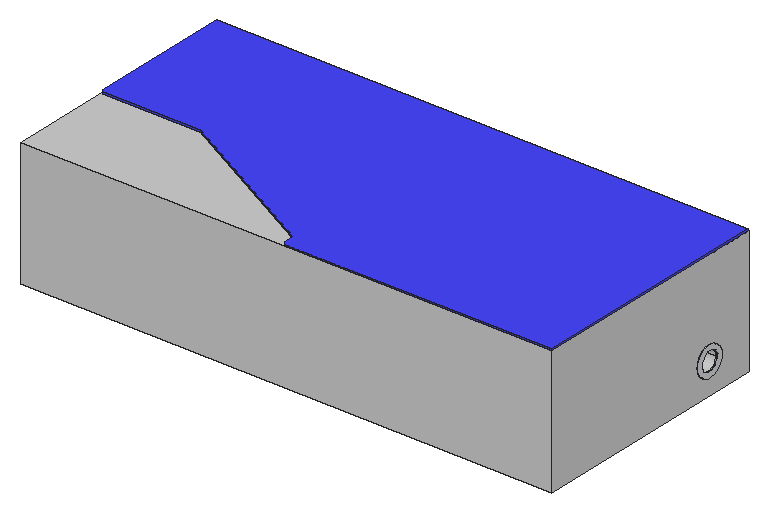
Revit family "РБП-12-7_RV17_LOD400 (05.11.23)", category Электрооборудование, Revit 2017
Family settings
  Конфигурация панели = Два столбца, слева направо
  Размер круглого соединителя = Использовать диаметр
  Тип детали = Щит
  На основе рабочей плоскости = Да
  Всегда вертикально = Нет
  При загрузке вырезать с полостями = Нет
  Общий = Нет
  Точка расчета площади = Нет
Parameters (values of type "РБП-12-7")
  Ток заряда АКБ, не более, А = 1.2 A
  Смещение_УГО_Y [instance] = 0 mm
  Смещение_УГО_X [instance] = 0 mm
  Раздел проекта [instance] = ""
  Раздел Спецификации [instance] = ""
  Потребляемый ток нагрузки номинальный, А = 4.75 A
  Потребляемый ток нагрузки максимальный, А = 7 A
  Default Elevation = 1219.2 mm
  Напряжение = "13.8"
  Диапазон рабочих температур, °С = "от + 5 до + 50"
  Диапазон напряжения защитного отключения АКБ, не менее, В = "10,5-11,5"
  В_Смещение_УГО_Y [instance] = Смещение_УГО_Y + 2000 mm  # 2000 mm
  В_Смещение_УГО_X [instance] = Смещение_УГО_X + 2000 mm  # 2000 mm
  d_короба = 20 mm
  ADSK_Размер_Длина = 323 mm
  ADSK_Размер_Глубина = 149.5 mm
  ADSK_Размер_Высота = 78 mm
  ADSK_Примечание = ""
  ADSK_Наименование = "Источник питания РБП-12-7"
  ADSK_Масса = 2.6
  ADSK_Марка = "СТАЕ.436121.001"
  ADSK_Количество = 1
  ADSK_Завод-изготовитель = "ООО «Основа Безопасности»"  # constant formula
  ADSK_Единица измерения = "шт."  # constant formula
  ADSK_URL страницы изделия = "https://stilsoft.ru/products/rbp-12-7"
  ADSK_URL документации изделия = ""
Reference planes
  plane 1 "По центру (Вперед/Назад)": y = 0
  plane 2: z = 0
  plane 3 "По центру (Влево/Вправо)": x = 0
  plane 4: y = 2000
  plane 5: x = -2000
  plane 6: x = 0
  plane 7: y = 0
  plane 8: x = 161.5
  plane 9 "1": x = -161.5
  plane 10: y = 149.5
  plane 11 "2": z = 78
Forms (mm)
  Extrusion 1, solid, material "По умолчанию", detail levels medium+fine
    sketch origin (0, 0, 0) x (1, 0, 0) y (0, 0, 1)
      loop
        line (-161.5, 77) -> (-161.5, 0) -> (161.5, 0) -> (161.5, 77) -> (-161.5, 77)
    from 0 to -149.5
  Extrusion 2, solid, detail levels medium+fine
    sketch origin (-161.5, 149.5, 0) x (0, 1, 0) y (0, 0, -1)
      loop
        circle (-30.569, -19.569) r 9
      loop
        circle (-30.569, -19.569) r 6
    from 0 to 1
  Extrusion 3, void
    sketch origin (-161.5, 0, 0) x (0, -1, 0) y (0, 0, 1)
      loop
        circle (-118.916, 19.562) r 6.009
    from 0 to -323
  Extrusion 4, solid, detail levels medium+fine
    sketch origin (161.5, 149.5, 0) x (0, 1, 0) y (0, 0, 1)
      loop
        circle (-30.569, 19.569) r 9
      loop
        circle (-30.569, 19.569) r 6
    from 0 to 1
  Extrusion 5, solid, material "крышка", detail levels medium+fine
    sketch origin (0, 0, 78) x (-1, 0, 0) y (0, -1, 0)
      loop
        line (161.5, -62.657) -> (160.343, -61.5) -> (101.5, -61.5) -> (2, -8) -> (2, -1.992) -> (0.85, 0) -> (-161.5, 0) -> (-161.5, -149.5) -> (161.5, -149.5) -> (161.5, -62.657)
    from 0 to -1
Cuts and joins
  Extrusion 3 cuts Extrusion 1
Dimensions and locks
  locked: plane 4 to plane 1 "По центру (Вперед/Назад)" at 2000
  locked: plane 5 to plane 3 "По центру (Влево/Вправо)" at 2000
  "В_Смещение_УГО_X": plane 5 to plane 6
  "В_Смещение_УГО_Y": plane 4 to plane 7
  "ADSK_Размер_Высота": plane 11 "2" to level
  "ADSK_Размер_Длина": plane 9 "1" to plane 8
  "ADSK_Размер_Глубина": plane 10 to plane 1 "По центру (Вперед/Назад)"
  aligned and locked: level to plane 2
Automatic sketch dimensions
  Extrusion 1 sketch curve to level = 0 mm
  plane 9 "1" to Extrusion 1 sketch curve = 0 mm
  Extrusion 1 sketch curve to plane 8 = 0 mm
  Extrusion 1 sketch curve to plane 11 "2" = 1 mm
  Extrusion 2 sketch curve to Extrusion 2 sketch curve = 0 mm  (x2)
  plane 10 to Extrusion 2 sketch curve = 30.569 mm
  Extrusion 2 sketch curve to level = 19.569 mm
  Extrusion 3 sketch curve to plane 10 = 30.584 mm
  level to Extrusion 3 sketch curve = 19.562 mm
  Extrusion 4 sketch curve to Extrusion 4 sketch curve = 0 mm  (x2)
  Extrusion 4 sketch curve to plane 10 = 30.569 mm
  level to Extrusion 4 sketch curve = 19.569 mm
  Extrusion 5 sketch curve to plane 8 = 0 mm
  plane 1 "По центру (Вперед/Назад)" to Extrusion 5 sketch curve = 0 mm
  Extrusion 5 sketch curve to plane 9 "1" = 0 mm
  Extrusion 5 sketch curve to plane 10 = 0 mm
  Extrusion 5 sketch curve to plane 3 "По центру (Влево/Вправо)" = 0.85 mm
  Extrusion 5 sketch curve to plane 3 "По центру (Влево/Вправо)" = 2 mm
  Extrusion 5 sketch curve to plane 9 "1" = 60 mm
  Extrusion 5 sketch curve to plane 1 "По центру (Вперед/Назад)" = 61.5 mm
  Extrusion 5 sketch curve to plane 1 "По центру (Вперед/Назад)" = 8 mm
  Extrusion 5 sketch curve to plane 1 "По центру (Вперед/Назад)" = 1.992 mm
  Extrusion 5 sketch curve to plane 9 "1" = 1.157 mm
  Extrusion 5 sketch curve to Extrusion 5 sketch curve = 1.157 mm
  radius of Extrusion 2 sketch curve = 9 mm
  radius of Extrusion 2 sketch curve = 6 mm
  radius of Extrusion 3 sketch curve = 6.009 mm
  radius of Extrusion 4 sketch curve = 9 mm
  radius of Extrusion 4 sketch curve = 6 mm
Connectors
  electrical at (161.5, 118.916, 19.562)
    settings: on cut or joined group of Extrusion 1, Extrusion 3, index 1, voltage 0 V, apparent load 0 VA, apparent load phase1 0 VA, apparent load phase2 0 VA, apparent load phase3 0 VA, power factor 1, load classification "Прочее", number of poles 1, system type 31, power factor state 1, is connector primary yes, connector utility no, sub classification motor no, connector description ""
  electrical at (-161.5, 118.916, 19.562)
    settings: on cut or joined group of Extrusion 1, Extrusion 3, index 2, voltage 0 V, apparent load 0 VA, apparent load phase1 0 VA, apparent load phase2 0 VA, apparent load phase3 0 VA, power factor 1, load classification "Прочее", number of poles 1, system type 31, power factor state 1, is connector primary no, connector utility no, sub classification motor no, connector description ""
  cabletrayconduit at (-161.5, 118.916, 19.562), diameter 20, driven by "d_короба"
    settings: on cut or joined group of Extrusion 1, Extrusion 3, index 3, connector width 300 mm, connector height 300 mm, connector angle 0.00°, system type 32, placement type 0, profile type 0, connector reference index -1, is primary connector yes, connector utility param no, connector description ""
  cabletrayconduit at (161.5, 118.916, 19.562), diameter 20, driven by "d_короба"
    settings: on cut or joined group of Extrusion 1, Extrusion 3, index 4, connector width 300 mm, connector height 300 mm, connector angle 0.00°, system type 32, placement type 0, profile type 0, connector reference index -1, is primary connector no, connector utility param no, connector description ""
